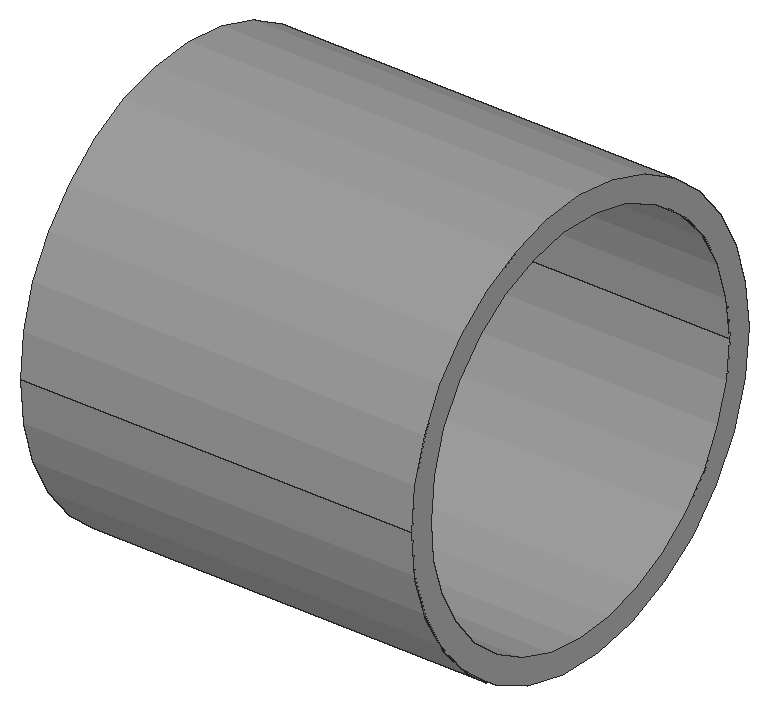
Revit family "Муфта SO10 ", category Соединительные детали трубопроводов, Revit 2025
Family settings
  Размер круглого соединителя = Использовать диаметр
  Тип детали = Соединение
  На основе рабочей плоскости = Нет
  Всегда вертикально = Да
  При загрузке вырезать с полостями = Нет
  Общий = Нет
Parameters (values of type "Муфта клеевая ПВХ d=16-400 мм")
  Default Elevation = 0 mm
  Description = ""
  built-in parameter 1114242 [instance] = (empty or 0)
  Изготовитель = "COMER"
  L [instance] = size_lookup(TT, "L", 16 mm, D1, D2)  # 165 mm
  Z [instance] = size_lookup(TT, "Z", 2 mm, D1, D2)  # 12 mm
  URL = "https://innoformula.ru/product/mufta-kleevaja-pvh-comer-i-raccord-plast-italija/"
  TT = "Муфта клеевая"  # constant formula
  Dvn [instance] = size_lookup(TT, "Dvn", 2 mm, D1, D2)  # 315.4 mm
  E [instance] = size_lookup(TT, "E", 2 mm, D1, D2)  # 355 mm
  D2 [instance] = D1  # 315 mm
  D1 [instance] = 315 mm
  ADSK_Размер_Диаметр [instance] = D1  # 315 mm
  ADSK_Наименование [instance] = size_lookup(TT, "name", "Не найдено: Муфта клеевая ПВХ", D1, D2)  # "Муфта клеевая ПВХ d=315"
  ADSK_Материал = ПВХ серый
  ADSK_Масса [instance] = size_lookup(TT, "M", 0, D1, D2)  # 9.958
  ADSK_Марка [instance] = ""
  ADSK_Количество = 1  # constant formula
  ADSK_Код изделия [instance] = size_lookup(TT, "", "!!!Размер отсутствует", D1, D2)  # "SO103150"
  ADSK_Завод-изготовитель = "COMER"  # constant formula
  ADSK_Единица измерения = "шт."  # constant formula
Reference planes
  plane 1 "По центру (Вперед/Назад)": y = 0
  plane 2 "Центрирование (Вверх/Вниз)": z = 0
  plane 3 "По центру (Влево/Вправо)": x = 0
  plane 4: x = -165
  plane 5: x = 165
  plane 6: x = -6
  plane 7: x = 6
Forms (mm)
  Extrusion 1, solid, material "ПВХ серый" <- "ADSK_Материал", detail levels fine
    sketch origin (0, 0, 0) x (0, 1, 0) y (0, 0, 1)
      loop
        circle (0, 0) r 177.5
      loop
        circle (0, 0) r 157.7
    from -165 to 165
Lines and regions (mm)
  reference lines
    curve 1: line (-6, 0, 0) -> (6, 0, 0)
  model lines, detail levels coarse
    curve 2: line (-6, 0, 0) -> (6, 0, 0)
Dimensions and locks
  "L": plane 4 to plane 3 "По центру (Влево/Вправо)"
  "L": plane 3 "По центру (Влево/Вправо)" to plane 5
  equal spacing: plane 6, plane 3 "По центру (Влево/Вправо)", plane 7
  "Z": plane 6 to plane 7
  "E": diameter of Extrusion 1 sketch curve
  "Dvn": diameter of Extrusion 1 sketch curve
  aligned and locked: level to plane 2 "Центрирование (Вверх/Вниз)"
  aligned and locked: Extrusion 1 to plane 5
  aligned and locked: plane 6 to curve 1
  aligned and locked: plane 7 to curve 1
  aligned and locked: plane 1 "По центру (Вперед/Назад)" to curve 1
  aligned and locked: plane 6 to curve 2
  aligned and locked: plane 7 to curve 2
  aligned and locked: plane 1 "По центру (Вперед/Назад)" to curve 2
  aligned and locked: Extrusion 1 to plane 4
Automatic sketch dimensions
  Extrusion 1 sketch curve to Extrusion 1 sketch curve = 0 mm  (x2)
  Extrusion 1 sketch curve to level = 0 mm
  Extrusion 1 sketch curve to plane 1 "По центру (Вперед/Назад)" = 0 mm
Connectors
  piping at (-6, 0, 0), diameter 315, driven by "D1"
    settings: on curve 1, index 1, connector inside diameter 609.6 mm, connector length 0 mm, flow factor 0, pipe flow 0.0 L/s, pressure drop 0.0 Pa, fitting loss kfactor 0, connector angle 0.00°, fixture units 0, engagement length 0 mm, angle of deflection 0.00°, flow configuration 0, flow direction 0, fitting loss method 0, system type 28, joint type 0, gender type 0, connector reference index 2, connector utility 0, adjustable connector no, is connector primary yes, connector description ""
  piping at (6, 0, 0), diameter 315, driven by "D2"
    settings: on curve 1, index 2, connector inside diameter 609.6 mm, connector length 0 mm, flow factor 0, pipe flow 0.0 L/s, pressure drop 0.0 Pa, fitting loss kfactor 0, connector angle 0.00°, fixture units 0, engagement length 0 mm, angle of deflection 0.00°, flow configuration 0, flow direction 0, fitting loss method 0, system type 28, joint type 0, gender type 0, connector reference index 1, connector utility 0, adjustable connector no, is connector primary no, connector description ""
